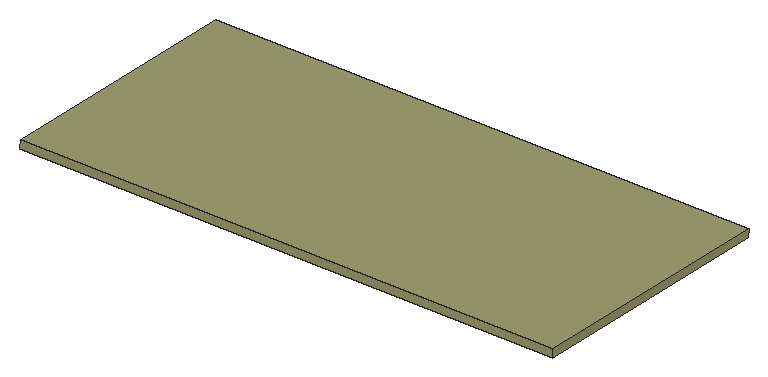
Revit family "Ecowool Classic Board (64kgm3)", category Generic Models, host Face, Revit 2020
Family settings
  Host = Face
  Can host rebar = No
  Round Connector Dimension = Use Diameter
  Part Type = Normal
  Cut with Voids When Loaded = No
  Shared = No
  Room Calculation Point = No
Parameters (values of type "EWBR 2564 (25mm)")
  Width [instance] = 800 mm
  Type of Insulation = "Glass Mineral Wool Insulation"
  Thermal R value = 0.8
  Thermal K value = 0.0309
  Remarks = ""
  Material Specification = ""
  Manufacturer = "PGF Insulation Sdn. Bhd."
  Insulation Thickness = 25 mm
  Length(mm) [instance] = 1740 mm
  Finish = Classic Board
  ECOWOOL Product thickness in mm = ""
  Description = "ECOWOOL™ CLASSIC board is specifically designed to provide superior\r\nfire resistance, acoustical and thermal insulation properties when\r\ninstalled in glass, metal or in fabricated metal pans. ECOWOOL™, the\r\nnew generation of glass mineral wool has been engineered to provide\r\nthe highest levels of thermal and acoustic performance for building\r\noccupants to achieve the level of indoor comfort deserved.\r\nMade from almost 80% recycled glass and locally sourced raw\r\nmaterials, ECOWOOL™ range of glass mineral wool is perfectly in tune\r\nwith sustainability and environmental concerns."
  Density = 64.00 kg/m³
  Default Elevation = 1219.2 mm
Types (3, lengths in mm): name | Thermal R value | Insulation Thickness | Description
  (no name) | 0.8 | 25 | "ECOWOOL™ CLASSIC board is specifically designed to provide superior\r\nfire resistance, acoustical and thermal insulation properties when\r\ninstalled in glass, metal or in fabricated metal pans. ECOWOOL™, the\r\nnew generation of glass mineral wool has been engineered to provide\r\nthe highest levels of thermal and acoustic performance for building\r\noccupants to achieve the level of indoor comfort deserved.\r\nMade from almost 80% recycled glass and locally sourced raw\r\nmaterials, ECOWOOL™ range of glass mineral wool is perfectly in tune\r\nwith sustainability and environmental concerns."
  EWBR 2564 (25mm) | 0.8 | 25 | "ECOWOOL™ CLASSIC board is specifically designed to provide superior\r\nfire resistance, acoustical and thermal insulation properties when\r\ninstalled in glass, metal or in fabricated metal pans. ECOWOOL™, the\r\nnew generation of glass mineral wool has been engineered to provide\r\nthe highest levels of thermal and acoustic performance for building\r\noccupants to achieve the level of indoor comfort deserved.\r\nMade from almost 80% recycled glass and locally sourced raw\r\nmaterials, ECOWOOL™ range of glass mineral wool is perfectly in tune\r\nwith sustainability and environmental concerns."
  EWBR 5064 (50mm) | 1.6 | 50 | "ECOWOOL™ CLASSIC board is specifically designed to provide superior\r\nfire resistance, acoustical and thermal insulation properties when\r\ninstalled in glass, metal or in fabricated metal pans. ECOWOOL™, the\r\nnew generation of glass mineral wool has been engineered to provide\r\nthe highest levels of thermal and acoustic performance for building\r\noccupants to achieve the level of indoor comfort deserved.\r\nMade from almost 80% recycled glass and locally sourced raw\r\nmaterials, ECOWOOL™ range of glass mineral wool is perfectly in tune\r\nwith sustainability and environmental concerns"
Reference planes
  plane 1 "Center (Front/Back)": y = 0
  plane 2: z = 0
  plane 3 "Center (Left/Right)": x = 0
  plane 4: x = 1740
  plane 5: y = -400
  plane 6: y = 400
Forms (mm)
  Sweep 1, solid, material "Classic Board" <- "Finish"
    path origin (0, 0, 0) x (1, 0, 0) y (0, 1, 0)
      loop
        line (0, 0) -> (1740, 0)
    profile origin (870, 0, 0) x (0, 1, 0) y (0, 0, 1)
      loop
        line (-400, 25) -> (-400, 0) -> (400, 0) -> (400, 25) -> (-400, 25)
Lines and regions (mm)
  reference lines
    curve 1: line (0, 0, 0) -> (1740, 0, 0)
Dimensions and locks
  "Width": plane 5 to plane 6
  equal spacing: plane 5, plane 1 "Center (Front/Back)", plane 6
  "Length(mm)": plane 3 "Center (Left/Right)" to plane 4
  "Insulation Thickness": host face to Sweep 1 sketch curve
  aligned and locked: plane 2 to host face
  aligned and locked: level to host face
  aligned and locked: plane 3 "Center (Left/Right)" to curve 1
  aligned and locked: plane 4 to curve 1
  aligned and locked: plane 3 "Center (Left/Right)" to Sweep 1 sketch curve
  aligned and locked: plane 4 to Sweep 1 sketch curve
  aligned and locked: level to Sweep 1 sketch curve
  aligned and locked: plane 6 to Sweep 1 sketch curve
  aligned and locked: Sweep 1 sketch curve to plane 5
Automatic sketch dimensions
  host sketch curve to host sketch curve = 1616.306 mm
  host sketch curve to host sketch curve = 2438.4 mm
  plane 1 "Center (Front/Back)" to curve 1 = 0 mm
  plane 1 "Center (Front/Back)" to Sweep 1 sketch curve = 0 mm
